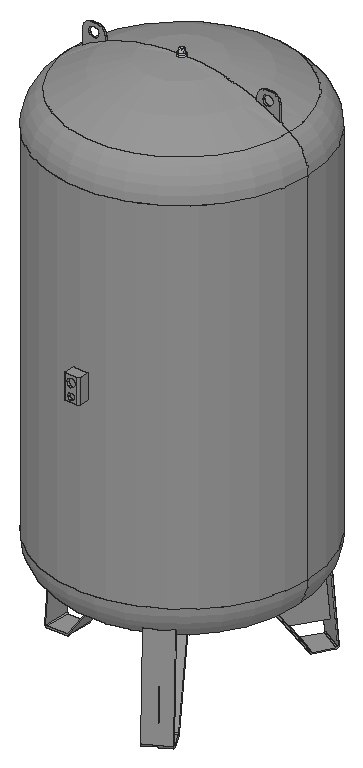
Revit family "WAV 4000", category Оборудование, Revit 2014
Parameters
  Описание = "Мембранный бак для водоснабжения V=4000л, Py=10бар, 3\""
  Материал = Синяя краска
  Масса кг = "655"
  Комментарии к типоразмеру = "WAV 4000"
  Изготовитель = "WESTER"  # constant formula
  URL = "http://www.wester.su/"
Reference planes
  plane 1 "По центру (Вперед/Назад)": y = 0
  plane 2: z = 0
  plane 3 "По центру (Влево/Вправо)": x = 0
Forms (mm)
  Revolve 1, solid, material "Синяя краска" <- "Материал"
    sketch origin (161.5, 0, 805.958) x (0, 0, 1) y (-1, 0, 0)
      loop
        line (-440.974, 161.5) -> (2354.078, 161.5)
        arc (2354.078, 161.5) -> (2309.013, 484.914) -> (2174.175, 782.313) r 1140.806
        arc (2174.175, 782.313) -> (2092.305, 858.757) -> (1983.786, 886.51) r 226.037
        line (1983.786, 886.51) -> (-87.689, 886.51)
        arc (-87.689, 886.51) -> (-195.692, 858.74) -> (-276.905, 782.32) r 223.91
        arc (-276.905, 782.32) -> (-380.245, 576.321) -> (-440.974, 354) r 1164.032
        line (-440.974, 354) -> (-440.974, 161.5)
      axis (-440.974, 161.5) -> (2354.078, 161.5)
    angle from 0 to 360
  Revolve 2, solid, material "Синяя краска" <- "Материал"
    sketch origin (0, 0, 604.512) x (-1, 0, 0) y (0, 0, -1)
      loop
        line (0, 239.527) -> (192.5, 239.527) -> (192.5, 254.559) -> (166.016, 254.559) -> (166.016, 264.512) -> (192.5, 264.512) -> (192.5, 284.512) -> (46.842, 284.512) -> (46.842, 354.512) -> (42.318, 354.512) -> (42.318, 284.516) -> (0, 284.516) -> (0, 239.527)
      axis (0, 354.512) -> (0, 239.527)
    angle from 0 to 360
  Revolve 3, solid
    sketch origin (0, 0, 2508.548) x (1, 0, 0) y (0, 0, 1)
      loop
        line (-13.204, 684.49) -> (-13.204, 663) -> (-18.475, 663) -> (-18.475, 656.503) -> (-23.985, 656.503) -> (-23.985, 651.489) -> (0, 651.489) -> (0, 660.626) -> (-7.729, 660.626) -> (-9.298, 662.195) -> (-9.298, 686.489) -> (-11.205, 686.489) -> (-13.204, 684.49)
      axis (0, 686.489) -> (0, 651.489)
    angle from 0 to 360
  Extrusion 4, solid, material "Синяя краска" <- "Материал"
    sketch origin (0, -96.875, 0) x (1, 0, 0) y (0, 1, 0)
      loop
        line (42.5, -683.125) -> (42.5, -620.115) -> (-42.5, -620.115) -> (-42.5, -683.125)
        arc (-42.5, -683.125) -> (-39.571, -690.196) -> (-32.5, -693.125) r 10
        line (-32.5, -693.125) -> (32.5, -693.125)
        arc (32.5, -693.125) -> (39.571, -690.196) -> (42.5, -683.125) r 10
    from 1720 to 1858
  Extrusion 5, void
    sketch origin (0, 0, 679.688) x (1, 0, 0) y (0, 0, 1)
      loop
        circle (0, 1139.927) r 25
      loop
        circle (0, 1069.302) r 20
    from 780 to 790
  Extrusion 6, solid, material "Синяя краска" <- "Материал"
    sketch origin (0, 0, 220) x (1, 0, 0) y (0, 0, 1)
      loop
        line (435, 2780) -> (565, 2780) -> (565, 2880)
        arc (565, 2880) -> (550.355, 2915.355) -> (515, 2930) r 50
        line (515, 2930) -> (485, 2930)
        arc (485, 2930) -> (449.645, 2915.355) -> (435, 2880) r 50
        line (435, 2880) -> (435, 2780)
      loop
        circle (499.68, 2880) r 30
      loop
        line (-435, 2780) -> (-435, 2880)
        arc (-435, 2880) -> (-449.645, 2915.355) -> (-485, 2930) r 50
        line (-485, 2930) -> (-515, 2930)
        arc (-515, 2930) -> (-550.355, 2915.355) -> (-565, 2880) r 50
        line (-565, 2880) -> (-565, 2780) -> (-435, 2780)
      loop
        circle (-499.68, 2880) r 30
    from -3.5 to 3.5
  Extrusion 7, solid, material "Синяя краска" <- "Материал"
    sketch origin (0, 0, 0) x (1, 0, 0) y (0, 0, 1)
      loop
        line (-308.495, 393.207) -> (-314.644, 394.926) -> (-591.289, 8.507)
        arc (-591.289, 8.507) -> (-593.425, 6.664) -> (-596.167, 6) r 6
        line (-596.167, 6) -> (-711.99, 6)
        arc (-711.99, 6) -> (-716.4, 7.932) -> (-717.971, 12.484) r 6
        line (-717.971, 12.484) -> (-672.153, 578.869) -> (-677.599, 585.961) -> (-723.951, 12.968)
        arc (-723.951, 12.968) -> (-720.811, 3.864) -> (-711.99, 0) r 12
        line (-711.99, 0) -> (-596.167, 0)
        arc (-596.167, 0) -> (-590.682, 1.327) -> (-586.41, 5.015) r 12
        line (-586.41, 5.015) -> (-308.495, 393.207)
    from -75 to 75
  Extrusion 8, solid, material "Синяя краска" <- "Материал"
    sketch origin (0, 0, 0) x (1, 0, 0) y (0, 0, 1)
      loop
        line (-693.094, 320) -> (-709.273, 120) -> (-511.469, 120) -> (-368.285, 320) -> (-693.094, 320)
    from -3 to 3
  Extrusion 9, solid, material "Синяя краска" <- "Материал"
    sketch origin (0.114, 0.197, 0) x (-0.5, -0.866025, 0) y (0, 0, 1)
      loop
        line (-308.495, 393.207) -> (-314.644, 394.926) -> (-591.289, 8.507)
        arc (-591.289, 8.507) -> (-593.425, 6.664) -> (-596.167, 6) r 6
        line (-596.167, 6) -> (-711.99, 6)
        arc (-711.99, 6) -> (-716.4, 7.932) -> (-717.971, 12.484) r 6
        line (-717.971, 12.484) -> (-672.153, 578.869) -> (-677.599, 585.961) -> (-723.951, 12.968)
        arc (-723.951, 12.968) -> (-720.811, 3.864) -> (-711.99, 0) r 12
        line (-711.99, 0) -> (-596.167, 0)
        arc (-596.167, 0) -> (-590.682, 1.327) -> (-586.41, 5.015) r 12
        line (-586.41, 5.015) -> (-308.495, 393.207)
    from -75 to 75
  Extrusion 10, solid, material "Синяя краска" <- "Материал"
    sketch origin (0.072, -0.124, 0) x (-0.5, 0.866025, 0) y (0, 0, 1)
      loop
        line (-308.495, 393.207) -> (-314.644, 394.926) -> (-591.289, 8.507)
        arc (-591.289, 8.507) -> (-593.425, 6.664) -> (-596.167, 6) r 6
        line (-596.167, 6) -> (-711.99, 6)
        arc (-711.99, 6) -> (-716.4, 7.932) -> (-717.971, 12.484) r 6
        line (-717.971, 12.484) -> (-672.153, 578.869) -> (-677.599, 585.961) -> (-723.951, 12.968)
        arc (-723.951, 12.968) -> (-720.811, 3.864) -> (-711.99, 0) r 12
        line (-711.99, 0) -> (-596.167, 0)
        arc (-596.167, 0) -> (-590.682, 1.327) -> (-586.41, 5.015) r 12
        line (-586.41, 5.015) -> (-308.495, 393.207)
    from -75 to 75
  Extrusion 11, solid, material "Синяя краска" <- "Материал"
    sketch origin (1.74, 0.986, 0) x (-0.5, 0.866025, 0) y (0, 0, 1)
      loop
        line (-693.094, 320) -> (-709.273, 120) -> (-511.469, 120) -> (-368.285, 320) -> (-693.094, 320)
    from -5 to 1
  Extrusion 12, solid, material "Синяя краска" <- "Материал"
    sketch origin (0.005, 0.009, 0) x (-0.5, -0.866025, 0) y (0, 0, 1)
      loop
        line (-693.094, 320) -> (-709.273, 120) -> (-511.469, 120) -> (-368.285, 320) -> (-693.094, 320)
    from -3 to 3
Cuts and joins
  Extrusion 5 cuts Extrusion 4
  joined: Revolve 1, Extrusion 4, Extrusion 6
  joined: Extrusion 7, Extrusion 8
  joined: Extrusion 9, Extrusion 12
  joined: Extrusion 10, Extrusion 11
Dimensions and locks
  aligned and locked: level to plane 2
Nested families
  nested 1: "Болт" at (0, -175.057, 320) x (0, 1, 0) z (0, 0, -1), type "Болт"
  nested 2: "Болт" at (-123.981, -123.959, 320) x (-0.2588, 0.9659, 0) z (0, 0, -1), type "Болт"
  nested 3: "Болт" at (-175, 0, 320) x (1, 0, 0) z (0, 0, -1), type "Болт"
  nested 4: "Болт" at (123.52, 123.921, 320) x (-0.2588, 0.9659, 0) z (0, 0, -1), type "Болт"
  nested 5: "Болт" at (-123.576, 123.61, 320) x (0.2588, 0.9659, 0) z (0, 0, -1), type "Болт"
  nested 6: "Болт" at (123.798, -123.873, 320) x (0.9659, 0.2588, 0) z (0, 0, -1), type "Болт"
  nested 7: "Болт" at (175, 0, 320) x (-1, 0, 0) z (0, 0, -1), type "Болт"
  nested 8: "Болт" at (0, 175.033, 320) x (0, -1, 0) z (0, 0, -1), type "Болт"
Connectors
  piping at (0, 0, 250), diameter 80
    settings: on Revolve 2, index 1, connector inside diameter 609.6 mm, connector length 0 mm, flow factor 0, pipe flow 0.0 L/s, pressure drop 0.0 Pa, fitting loss kfactor 0, connector angle 0.00°, fixture units 0, engagement length 0 mm, angle of deflection 0.00°, flow configuration 1, flow direction 0, fitting loss method 0, system type 29, joint type 0, gender type 0, connector reference index -1, connector utility 0, adjustable connector no, is connector primary yes, connector description ""
Definition of nested family "Болт"
  Parameters (values of type "Болт")
    Default Elevation = 1219.2 mm
    L [instance] = 30 mm
  Reference planes
    plane 1 "По центру (Вперед/Назад)": y = 0
    plane 2: z = 0
    plane 3 "По центру (Влево/Вправо)": x = 0
    plane 4: z = -30
  Forms (mm)
    Extrusion 1, solid
      sketch origin (0, 0, 0) x (1, 0, 0) y (0, 1, 0)
        loop
          line (-1219.2, 1219.2) -> (-1219.2, -1219.2) -> (1219.2, -1219.2) -> (1219.2, 1219.2) -> (-1219.2, 1219.2)
      from 0 to -304.8
    Extrusion 2, solid, detail levels medium+fine
      sketch origin (0, 0, 0) x (0, 1, 0) y (-1, 0, 0)
        loop
          line (-6.5, -3.753) -> (0, -7.506) -> (6.5, -3.753) -> (6.5, 3.753) -> (0, 7.506) -> (-6.5, 3.753) -> (-6.5, -3.753)
      from 0 to 5.3
    Extrusion 3, solid, detail levels medium+fine
      sketch origin (0, 0, 0) x (1, 0, 0) y (0, 1, 0)
        loop
          circle (0, 0) r 4
      from -30 to 0
    Revolve 4, void
      sketch origin (0, 0, 0) x (1, 0, 0) y (0, 0, 1)
        loop
          line (-7.506, 4.447) -> (-6.413, 5.3) -> (-7.506, 5.3) -> (-7.506, 4.447)
        axis (0, 5.3) -> (0, 4.3)
      angle from 0 to 360
    Revolve 5, void
      sketch origin (0, 0, -51.56) x (1, 0, 0) y (0, 0, 1)
        loop
          line (-4, 21.56) -> (-2.365, 21.56) -> (-4, 23.195) -> (-4, 21.56)
        axis (0, 23.195) -> (0, 21.56)
      angle from 0 to 360
  Cuts and joins
    Revolve 4 cuts Extrusion 2
    Revolve 5 cuts Extrusion 3
    joined: Extrusion 2, Extrusion 3
  Dimensions and locks
    Extrusion 1 to cut or joined group of Extrusion 2, Extrusion 3, Revolve 4, Revolve 5 = 30 mm
    "L": level to plane 4
    locked: Revolve 5 sketch curve to plane 4 at 1.635
    aligned and locked: plane 2 to Extrusion 1
    aligned and locked: level to Extrusion 1
    aligned and locked: Revolve 4 sketch curve to plane 3 "По центру (Влево/Вправо)"
    aligned and locked: cut or joined group of Extrusion 2, Extrusion 3, Revolve 4, Revolve 5 to Revolve 4 sketch curve
    aligned and locked: Extrusion 3 to plane 4
    aligned and locked: cut or joined group of Extrusion 2, Extrusion 3, Revolve 4, Revolve 5 to plane 4
  Automatic sketch dimensions
    Extrusion 1 sketch curve to Extrusion 1 sketch curve = 2438.4 mm  (x2)
    plane 1 "По центру (Вперед/Назад)" to Extrusion 2 sketch curve = 0 mm  (x2)
    plane 1 "По центру (Вперед/Назад)" to Extrusion 2 sketch curve = 6.5 mm
    Extrusion 2 sketch curve to plane 1 "По центру (Вперед/Назад)" = 6.5 mm
    plane 3 "По центру (Влево/Вправо)" to Extrusion 2 sketch curve = 7.506 mm
    plane 3 "По центру (Влево/Вправо)" to Extrusion 2 sketch curve = 3.753 mm  (x2)
    Extrusion 2 sketch curve to plane 3 "По центру (Влево/Вправо)" = 3.753 mm  (x2)
    Extrusion 2 sketch curve to plane 3 "По центру (Влево/Вправо)" = 7.506 mm
    plane 1 "По центру (Вперед/Назад)" to Extrusion 3 sketch curve = 0 mm
    Extrusion 3 sketch curve to plane 3 "По центру (Влево/Вправо)" = 0 mm
    Revolve 4 sketch curve to plane 3 "По центру (Влево/Вправо)" = 6.413 mm
    Revolve 4 sketch curve to Revolve 4 sketch curve = 1.092 mm
    Revolve 4 sketch curve to Revolve 4 sketch curve = 0.853 mm
    Revolve 4 sketch curve to plane 4 = 544.04 mm
    Revolve 4 sketch curve to Revolve 4 sketch curve = 2603.758 mm
    plane 3 "По центру (Влево/Вправо)" to Revolve 5 sketch curve = 0 mm
    Revolve 5 sketch curve to plane 3 "По центру (Влево/Вправо)" = 2.365 mm
    Revolve 5 sketch curve to Revolve 5 sketch curve = 1.635 mm  (x2)
    Revolve 5 sketch curve to plane 4 = 595.6 mm
    level to Revolve 5 sketch curve = 2557.498 mm
    radius of Extrusion 3 sketch curve = 4 mm
